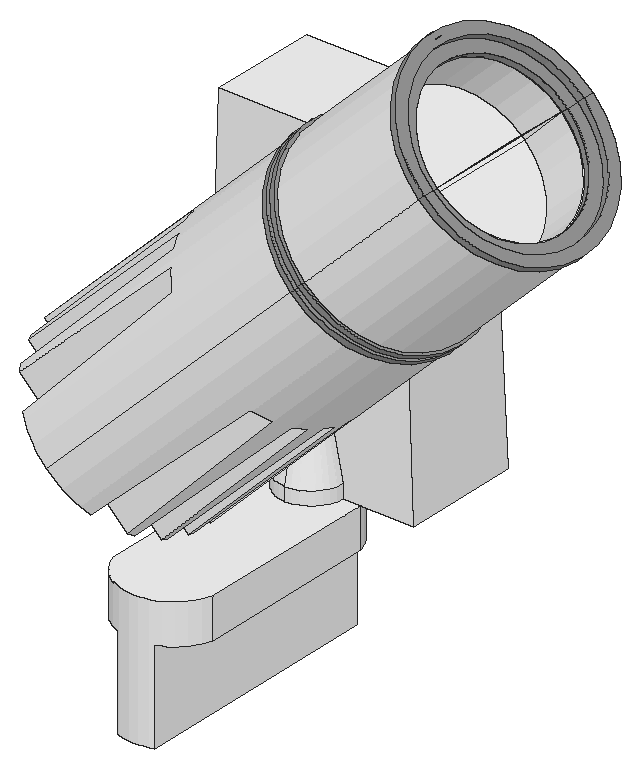
Revit family "2055964", category Lighting Fixtures, host Face, Revit 2016
Family settings
  Host = Face
  Part Type = Normal
  Round Connector Dimension = Use Diameter
  OmniClass Number = 23.80.70.00
  OmniClass Title = Lighting
  Cut with Voids When Loaded = No
  Light Source = No
  Shared = No
  Room Calculation Point = No
Parameters (values of type "2055964 BCON PRJ FRAM DALI L3 3K WH")
  Weight = "1.365 kg"
  Wattage Comments = ""
  WarrantyStartDate [instance] = "n/a"
  WarrantyGuarantorParts = "n/a"
  WarrantyDurationUnit = "n/a"
  WarrantyDurationParts = "n/a"
  WarrantyDescription = "n/a"
  Voltage = 230 V
  URL = "http://www.sylvania-lighting.com"
  TypeName = "BCON PRJ FRAM DALI L3 3K WH"
  TypeHead_SYL = Beacon LED Projector Framing Head : 2055964 BCON PRJ FRAM DALI L3 3K WH
  Type Image = <None>
  Type Comments = "n/a"
  Track_SYL = yes
  Surface_SYL = not(Track_SYL)  # no
  SerialNumber [instance] = "n/a"
  Material_3_SYL = none
  PowerFactor = 0.95
  PowerConsumption = "35 W"
  NominalLength = 0 mm
  NominalHeight = 215 mm
  NominalDepth = 185 mm
  Name = "BCON PRJ FRAM DALI L3 3K WH"
  ModelReference = Name  # "BCON PRJ FRAM DALI L3 3K WH"
  ModelNumber = "2055964"
  Model = Name  # "BCON PRJ FRAM DALI L3 3K WH"
  Material = "aluminium housing"
  ManufacturerName = "Feilo Sylvania"
  Manufacturer = "Feilo Sylvania"
  LuminousEfficacy = "14 lm/W"
  LuminaireType = ""
  LightOutputRatio = "100"
  LampsType = Lamp  # "LED"
  LampNominalLuminous = "474 lm"
  LampMacAdamStep = "3"
  LampColourTemperature = "3000 K"
  LampColourRenderingIndex = "97"
  Lamp = "LED"
  Keynote = "16500"
  InstallationDate [instance] = "n/a"
  InputVoltage = "AC 230 V"
  InputNominalFrequency = "50/60 Hz"
  IngressProtection = "IP20"
  ImpactProtectionIndex = "IK02"
  IfcExportType = "IfcLightFixtureType"
  IfcExportAs = "IfcLightFixtureType"
  HorizontalRotation_SYL [instance] = 0.00°
  EndAngle_SYL [instance] = HorizontalRotation_SYL + 180.00°  # 180.00°
  ElectricShockClassification = "Class II"
  DocumentationLiterature = "http://www.sylvania-lighting.com/product/en-int/products/2055964"
  DimmingControlOptions = "n/a"
  Material_2_SYL = Body-Sylvania-Black
  Description = "Beacon Projector offers precision light exactly where it is needed. The Framing Projector has four adjustable arms allowing the beam to be framed to the desired size shape (square/rectangle or irregular 4 sided shapes).High colour rendering CRI 97 typical. IR/UV free light source without heat radiation. LED technology provides an energy efficient solution with reduced maintenance costs."
  Default Elevation = 1219.2 mm
  CreatedOn = "3/14/2019"
  CreatedBy = "@sylvania-lighting.com"
  Cost = 0
  built-in parameter 1114216 [instance] = (empty or 0)
  ClassificationValue = "EF_70_80"
  ClassificationName = "Uniclass2015"
  Material_1_SYL = Body-Sylvania-White
  BarCode [instance] = "n/a"
  AssetType = "Fixed"
  AssetIdentifier [instance] = "n/a"
  Assembly Code = "D5020200"
  Apparent Load = 35 VA
  Material_4_SYL = none
Reference planes
  plane 1 "Center (Front/Back)": y = 0
  plane 2: z = 0
  plane 3 "Center (Left/Right)": x = 0
  plane 4: x = 7
  plane 5: x = -7
  plane 6: z = -34.5
  plane 7: z = 15
  plane 8: x = 18.5
  plane 9: x = -18.5
  plane 10: y = 48.5
  plane 11: y = -48.5
  plane 12: y = 34.5
  plane 13: y = -34.5
  plane 14: y = 77
  plane 15: y = -8
  plane 16: x = 42.5
  plane 17: x = -42.5
Forms (mm)
  Extrusion 1, solid, material "Body-Sylvania-White" <- "Material_1_SYL", visible <- "Track_SYL"
    sketch origin (0, 0, 0) x (1, 0, 0) y (0, 0, 1)
      loop
        line (-18.5, 15) -> (-18.5, 0) -> (-7, 0) -> (-7, -34.5) -> (7, -34.5) -> (7, 0) -> (18.5, 0) -> (18.5, 15) -> (-18.5, 15)
    from -48.5 to 48.5
  Extrusion 2, void
    sketch origin (0, 0, 0) x (1, 0, 0) y (0, 1, 0)
      loop
        arc (-18.5, 34.5) -> (0, 48.5) -> (18.5, 34.5) r 19.223
        line (18.5, 34.5) -> (21.5, 34.5) -> (21.5, 54.5) -> (-23.5, 54.5) -> (-23.5, 34.5) -> (-18.5, 34.5)
      loop
        line (-18.5, -34.5) -> (-23.5, -34.5) -> (-23.5, -54.5) -> (21.5, -54.5) -> (21.5, -34.5) -> (18.5, -34.5)
        arc (18.5, -34.5) -> (0, -48.5) -> (-18.5, -34.5) r 19.223
    from -34.5 to 15
  Revolve 3, solid, not visible
    sketch origin (0, 0, 0) x (0, 1, 0) y (0, 0, 1)
      loop
        line (34.5, 15) -> (48.5, 15) -> (48.5, 39.844) -> (34.5, 39.844) -> (34.5, 15)
      axis (34.5, 15) -> (34.5, 39.844)
    angle from 0 <- "HorizontalRotation_SYL" to 180 <- "EndAngle_SYL"
  Extrusion 4, solid, material "Body-Sylvania-White" <- "Material_1_SYL", visible <- "Surface_SYL"
    sketch origin (0, 0, 0) x (1, 0, 0) y (0, 1, 0)
      loop
        arc (39.5, -8) -> (41.621, -7.121) -> (42.5, -5) r 3
        line (42.5, -5) -> (42.5, 74)
        arc (42.5, 74) -> (41.621, 76.121) -> (39.5, 77) r 3
        line (39.5, 77) -> (-39.5, 77)
        arc (-39.5, 77) -> (-41.621, 76.121) -> (-42.5, 74) r 3
        line (-42.5, 74) -> (-42.5, -5)
        arc (-42.5, -5) -> (-41.621, -7.121) -> (-39.5, -8) r 3
        line (-39.5, -8) -> (39.5, -8)
    from 0 to 15
Cuts and joins
  Extrusion 2 cuts Extrusion 1
Dimensions and locks
  plane 8 to plane 4 to plane 3 "Center (Left/Right)" to plane 5 to plane 9 = 11.5 mm locked, 7 mm locked, 7 mm locked, 11.5 mm locked
  plane 7 to level to plane 6 = 15 mm locked, 34.5 mm locked
  plane 11 to plane 1 "Center (Front/Back)" to plane 10 = 48.5 mm locked, 48.5 mm locked
  plane 13 to plane 1 "Center (Front/Back)" to plane 12 = 34.5 mm locked, 34.5 mm locked
  plane 15 to plane 12 to plane 14 = 42.5 mm locked, 42.5 mm locked
  plane 16 to plane 3 "Center (Left/Right)" to plane 17 = 42.5 mm locked, 42.5 mm locked
  aligned and locked: plane 2 to host face
  aligned and locked: level to host face
  aligned and locked: plane 7 to Extrusion 1 sketch curve
  aligned and locked: level to Extrusion 1 sketch curve
  aligned and locked: Extrusion 1 sketch curve to plane 8
  aligned and locked: Extrusion 1 sketch curve to plane 6
  aligned and locked: Extrusion 1 sketch curve to plane 4
  aligned and locked: plane 5 to Extrusion 1 sketch curve
  aligned and locked: Extrusion 1 sketch curve to level
  aligned and locked: Extrusion 1 to plane 10
  aligned and locked: plane 11 to Extrusion 1
  aligned and locked: plane 12 to Extrusion 2 sketch curve  (x2)
  aligned and locked: plane 8 to Extrusion 2 sketch curve
  aligned and locked: plane 9 to Extrusion 2 sketch curve
  aligned and locked: plane 13 to Extrusion 2 sketch curve  (x3)
  aligned and locked: Extrusion 2 sketch curve to Extrusion 2 sketch curve  (x2)
  aligned and locked: plane 6 to Extrusion 2
  aligned and locked: Extrusion 2 to plane 7
  aligned and locked: Revolve 3 sketch curve to plane 12
  aligned and locked: Revolve 3 sketch curve to cut or joined group of Extrusion 1, Extrusion 2  (x2)
  aligned and locked: Revolve 3 sketch curve to plane 10
  aligned and locked: Extrusion 4 sketch curve to plane 15
  aligned and locked: Extrusion 4 sketch curve to plane 16
  aligned and locked: plane 14 to Extrusion 4 sketch curve
  aligned and locked: plane 17 to Extrusion 4 sketch curve
  aligned and locked: Extrusion 4 to plane 7
  aligned and locked: Extrusion 4 to level
  aligned and locked: nested 2 to plane 12
Nested families
  nested 1: "Beacon LED Projector Framing Gearbox" at (0, 34.5, 15) x (0, 1, 0) z (1, 0, 0), type "Type Name"
    with VerticalRotation_SYL -45.00°, EndAngle_SYL 135.00°
  nested 2: "Beacon LED Projector Framing Head" at (0, -10.5, 78) x (0, 1, 0) z (0.7071, 0, 0.7071), type <- "TypeHead_SYL", type "2055964 BCON PRJ FRAM DALI L3 3K WH"
    with built-in parameter 1114216 (empty or 0)
Connectors
  electrical at (0, 34.5, 0), driven by "Voltage", driven by "Apparent Load", driven by "PowerFactor"
    settings: on Extrusion 4, index 1, voltage 230 V, apparent load 35 VA, apparent load phase1 0 VA, apparent load phase2 0 VA, apparent load phase3 0 VA, power factor 0.95, load classification "Other", number of poles 1, system type 30, power factor state 1, is connector primary yes, connector utility no, sub classification motor no, connector description ""
Definition of nested family "Beacon LED Projector Framing Gearbox"
  Parameters (values of type "Type Name")
    VerticalRotation_SYL [instance] = 0.00°
    URL = "http://www.sylvania-lighting.com"
    Type Image = (empty or 0)
    Type Comments = "n/a"
    Material_3_SYL = none
    Model = ""
    Manufacturer = "Feilo Sylvania"
    Keynote = ""
    Material_2_SYL = none
    EndAngle_SYL [instance] = VerticalRotation_SYL + 180.00°  # 180.00°
    Description = ""
    Default Elevation = 1219.2 mm
    Cost = 0
    Material_1_SYL = none
    Assembly Code = ""
    Material_4_SYL = none
  Reference planes
    plane 1 "Center (Front/Back)": y = 0
    plane 2: z = 0
    plane 3 "Center (Left/Right)": x = 0
    plane 4: y = 5
    plane 5: y = 63
    plane 6: y = 47
    plane 7: y = 121
    plane 8: x = -3
    plane 9: x = -12
    plane 10: x = 41
    plane 11: x = 44
    plane 12: z = 38.5
    plane 13: z = -38.5
    plane 14: z = 34.5
    plane 15: z = -34.5
  Forms (mm)
    Extrusion 1, solid
      sketch origin (4.2, 0, 0) x (1, 0, 0) y (0, 1, 0)
        loop
          line (-1219.2, 1219.2) -> (-1219.2, -1219.2) -> (1219.2, -1219.2) -> (1219.2, 1219.2) -> (-1219.2, 1219.2)
      from 0 to -68.017
    Revolve 2, solid, material <- "Material_1_SYL"
      sketch origin (0, 0, 0) x (1, 0, 0) y (0, 1, 0)
        loop
          line (0, 0) -> (0, 47) -> (-3, 47) -> (-12, 5) -> (-12, 0) -> (0, 0)
        axis (0, 47) -> (0, 0)
      angle from 360 to 0
    Blend 3, solid, material <- "Material_1_SYL"
      base sketch origin (0, 0, 0) x (1, 0, 0) y (0, 0, 1)
        loop
          line (0, -38.5) -> (44, -38.5) -> (44, 38.5) -> (0, 38.5) -> (0, -38.5)
      top sketch origin (0, 0, 0) x (1, 0, 0) y (0, 0, 1)
        loop
          line (0, 34.5) -> (0, -34.5) -> (41, -34.5) -> (41, 34.5) -> (0, 34.5)
      from 0 to -121
    Revolve 4, solid, not visible
      sketch origin (0, 0, 0) x (1, 0, 0) y (0, 1, 0)
        loop
          line (0, 63) -> (-12, 63) -> (-12, 47) -> (0, 47) -> (0, 63)
        axis (0, 63) -> (-12, 63)
      angle from 0 <- "VerticalRotation_SYL" to 180 <- "EndAngle_SYL"
  Cuts and joins
    joined: Revolve 2, Blend 3
  Dimensions and locks
    plane 3 "Center (Left/Right)" to plane 10 to plane 11 = 41 mm locked, 3 mm locked
    plane 9 to plane 8 to plane 3 "Center (Left/Right)" = 9 mm locked, 3 mm locked
    plane 1 "Center (Front/Back)" to plane 4 to plane 6 to plane 5 to plane 7 = 5 mm locked, 42 mm locked, 16 mm locked, 58 mm locked
    plane 14 to level to plane 15 = 34.5 mm locked, 34.5 mm locked
    locked: plane 12 to plane 14 at 4
    locked: plane 15 to plane 13 at 4
    aligned and locked: plane 2 to Extrusion 1
    aligned and locked: level to Extrusion 1
    aligned and locked: Revolve 2 sketch curve to plane 3 "Center (Left/Right)"  (x2)
    aligned and locked: Revolve 2 sketch curve to Revolve 2 sketch curve
    aligned and locked: Revolve 2 sketch curve to plane 1 "Center (Front/Back)"
    aligned and locked: plane 4 to Revolve 2 sketch curve
    aligned and locked: plane 9 to Revolve 2 sketch curve
    aligned and locked: plane 6 to Revolve 2 sketch curve  (x2)
    aligned and locked: plane 3 "Center (Left/Right)" to Revolve 2 sketch curve
    aligned and locked: plane 13 to Blend 3 sketch curve
    aligned and locked: Blend 3 sketch curve to plane 3 "Center (Left/Right)"
    aligned and locked: Blend 3 sketch curve to plane 12
    aligned and locked: plane 11 to Blend 3 sketch curve
    aligned and locked: plane 14 to Blend 3 sketch curve
    aligned and locked: Blend 3 sketch curve to plane 15
    aligned and locked: Blend 3 sketch curve to plane 10
    aligned and locked: Blend 3 to plane 7
    aligned and locked: plane 1 "Center (Front/Back)" to Blend 3
    aligned and locked: Revolve 4 sketch curve to plane 5
    aligned and locked: Revolve 4 sketch curve to Revolve 4 sketch curve
    aligned and locked: plane 3 "Center (Left/Right)" to Revolve 4 sketch curve
    aligned and locked: plane 6 to Revolve 4 sketch curve
    aligned and locked: Revolve 4 sketch curve to plane 9
Definition of nested family "Beacon LED Projector Framing Head"
  Parameters (values of type "2055967 BCON PRJ FRAM DALI L3 4K BLK")
    Wattage Comments = "n/a"
    Wattage = 35 W
    built-in parameter 1150110 = 1 (stored number, unit not read)
    URL = "http://www.sylvania-lighting.com"
    Type Image = (empty or 0)
    Type Comments = "n/a"
    built-in parameter 1114217 = 1 (stored number, unit not read)
    Tilt Angle = -90.00°
    built-in parameter 1150109 = 1 (stored number, unit not read)
    built-in parameter 1150134 = 12
    built-in parameter 1150113 = 1 (stored number, unit not read)
    Photometric Web File = "spot_ideal.ies"
    Material_3_SYL = none
    Model = "BCON PRJ FRAM DALI L3 4K BLK"
    Manufacturer = "Feilo Sylvania"
    built-in parameter 1150105 = 49 (stored number, unit not read)
    Lumens = 490 lm
    built-in parameter 1150115 = 1 (stored number, unit not read)
    built-in parameter 1150137 = (empty or 0)
    built-in parameter 1150139 = (empty or 0)
    built-in parameter 1150112 = 1 (stored number, unit not read)
    built-in parameter 1150114 = 1 (stored number, unit not read)
    Lamp = "LED"
    Keynote = "16500"
    Material_2_SYL = none
    built-in parameter 1150132 = (empty or 0)
    built-in parameter 1150102 = (empty or 0)
    built-in parameter 1150107 = 4000 (stored number, unit not read)
    built-in parameter 1150138 = (empty or 0)
    built-in parameter 1150106 = 0.49 (stored number, unit not read)
    Emit from Circle Diameter = 61 mm
    Emit Shape Visible in Rendering = no
    built-in parameter 1150104 = 1.3006 (stored number, unit not read)
    Dimming Lamp Color Temperature Shift = (empty or 0)
    Description = "Beacon Projector offers precision light exactly where it is needed. The Framing Projector has four adjustable arms allowing the beam to be framed to the desired size shape (square/rectangle or irregular 4 sided shapes).High colour rendering CRI 97 typical. IR/UV free light source without heat radiation. LED technology provides an energy efficient solution with reduced maintenance costs."
    Default Elevation = 1219.2 mm
    Cost = 0
    Color Filter = 16777215
    built-in parameter 1114216 [instance] = (empty or 0)
    Material_1_SYL = none
    built-in parameter 1114218 = 1 (stored number, unit not read)
    built-in parameter 1150133 = 10 (stored number, unit not read)
    Assembly Code = "D5020200"
    Apparent Load = 35 VA
    Material_4_SYL = none
  Types (12, lengths in mm): name | built-in parameter 1150134 | Model | built-in parameter 1150107
    2055967 BCON PRJ FRAM DALI L3 4K BLK | 12 | "BCON PRJ FRAM DALI L3 4K BLK" | 4000 (stored number, unit not read)
    2055966 BCON PRJ FRAM DALI L3 4K WH | 12 | "BCON PRJ FRAM DALI L3 4K WH" | 4000 (stored number, unit not read)
    2055965 BCON PRJ FRAM DALI L3 3K BLK | (empty or 0) | "BCON PRJ FRAM DALI L3 3K BLK" | 3000 (stored number, unit not read)
    2055964 BCON PRJ FRAM DALI L3 3K WH | (empty or 0) | "BCON PRJ FRAM DALI L3 3K WH" | 3000 (stored number, unit not read)
    2055963 BCON PRJ FRAM O/B SM 4K BLK | 12 | "BCON PRJ FRAM O/B SM 4K BLK" | 4000 (stored number, unit not read)
    2055962 BCON PRJ FRAM O/B SM 4K WH | 12 | "BCON PRJ FRAM O/B SM 4K WH" | 4000 (stored number, unit not read)
    2055961 BCON PRJ FRAM O/B SM 3K BLK | (empty or 0) | "BCON PRJ FRAM O/B SM 3K BLK" | 3000 (stored number, unit not read)
    2055960 BCON PRJ FRAM O/B SM 3K WH | (empty or 0) | "BCON PRJ FRAM O/B SM 3K WH" | 3000 (stored number, unit not read)
    2055959 BCON PRJ FRAM O/B L3 4K BLK | 12 | "BCON PRJ FRAM O/B L3 4K BLK" | 4000 (stored number, unit not read)
    2055958 BCON PRJ FRAM O/B L3 4K WH | 12 | "BCON PRJ FRAM O/B L3 4K WH" | 4000 (stored number, unit not read)
    2055957 BCON PRJ FRAM O/B L3 3K BLK | (empty or 0) | "BCON PRJ FRAM O/B L3 3K BLK" | 3000 (stored number, unit not read)
    2055956 BCON PRJ FRAM O/B L3 3K WH | (empty or 0) | "BCON PRJ FRAM O/B L3 3K WH" | 3000 (stored number, unit not read)
  Reference planes
    plane 1 "Center (Front/Back)": y = 0
    plane 2: z = 0
    plane 3 "Center (Left/Right)": x = 0
    plane 4: x = 39.5
    plane 5: x = -39.5
    plane 6: z = -45
    plane 7: z = 155
    plane 8: z = 152.4
    plane 9: x = -38.5
    plane 10: z = 91
    plane 11: z = 84.75
    plane 12: z = 35
    plane 13: x = -35.25
    plane 14: z = 151.937
    plane 15: x = -30.5
    plane 16: z = 149.187
    plane 17: z = 88.75
    plane 18: z = 87
    plane 19: x = -37.5
    plane 20: z = 129.187
    plane 21: x = -2.5
    plane 22: x = 2.5
    plane 23: x = -4
    plane 24: x = 4
    plane 25: z = 15
    plane 26: z = -15
    plane 27: x = 45
    plane 28: x = 14.75
  Forms (mm)
    Extrusion 1, solid
      sketch origin (4.2, 0, 0) x (1, 0, 0) y (0, 1, 0)
        loop
          line (-1219.2, 1219.2) -> (-1219.2, -1219.2) -> (1219.2, -1219.2) -> (1219.2, 1219.2) -> (-1219.2, 1219.2)
      from 0 to -68.017
    Revolve 2, solid, material <- "Material_2_SYL"
      sketch origin (0, 0, 0) x (1, 0, 0) y (0, 0, 1)
        loop
          line (-30.5, 149.188) -> (-30.5, 151.938) -> (-35.25, 151.938) -> (-35.25, 155) -> (-39.5, 155) -> (-39.5, 152.4) -> (-37.5, 152.4) -> (-37.5, 149.188) -> (-30.5, 149.188)
        axis (0, 155) -> (0, 149.188)
      angle from 360 to 0
    Revolve 3, solid, material <- "Material_3_SYL"
      sketch origin (0, 0, 0) x (1, 0, 0) y (0, 0, 1)
        loop
          arc (0, 156.729) -> (-15.437, 155.524) -> (-30.5, 151.938) r 99.476
          line (-30.5, 151.938) -> (-30.5, 149.188) -> (0, 149.188) -> (0, 156.729)
        axis (0, 156.729) -> (0, 149.188)
      angle from 360 to 0
    Revolve 4, solid, material <- "Material_1_SYL"
      sketch origin (0, 0, 0) x (1, 0, 0) y (0, 0, 1)
        loop
          line (-38.5, 152.4) -> (-38.5, 91) -> (-35.25, 91) -> (-35.25, 84.75) -> (-38.5, 84.75) -> (-38.5, -45) -> (0, -45) -> (0, 129.187) -> (-30.5, 129.187) -> (-30.5, 149.188) -> (-37.5, 149.188) -> (-37.5, 152.4) -> (-38.5, 152.4)
        axis (0, 152.4) -> (0, -45)
      angle from 360 to 0
    Revolve 5, solid, material <- "Material_2_SYL"
      sketch origin (0, 0, 0) x (1, 0, 0) y (0, 0, 1)
        loop
          line (-39.5, 91) -> (-39.5, 88.75) -> (-37.5, 88.75) -> (-37.5, 87) -> (-39.5, 87) -> (-39.5, 84.75) -> (-35.25, 84.75) -> (-35.25, 91) -> (-39.5, 91)
        axis (0, 91) -> (0, 84.75)
      angle from 360 to 0
    Extrusion 6, void
      sketch origin (20, 0, 0) x (-1, 0, 0) y (0, 0, 1)
        loop
          line (17.5, 35) -> (16, -45) -> (24, -45) -> (22.5, 35) -> (17.5, 35)
      from -40 to 40
    Extrusion 7, void
      sketch origin (20, 0, 0) x (-1, 0, 0) y (0, 0, 1)
        loop
          line (27.5, 35) -> (26, -45) -> (34, -45) -> (32.5, 35) -> (27.5, 35)
      from -40 to 40
    Extrusion 8, void
      sketch origin (-20, 0, 0) x (1, 0, 0) y (0, 0, 1)
        loop
          line (2.5, 35) -> (-2.5, 35) -> (-4, -45) -> (4, -45) -> (2.5, 35)
      from -40 to 40
    Extrusion 9, void
      sketch origin (20, 0, 0) x (-1, 0, 0) y (0, 0, 1)
        loop
          line (47.5, 35) -> (46, -45) -> (54, -45) -> (52.5, 35) -> (47.5, 35)
      from -40 to 40
    Extrusion 10, void
      sketch origin (30, 0, 0) x (-1, 0, 0) y (0, 0, 1)
        loop
          line (2.5, 35) -> (-2.5, 35) -> (-4, -45) -> (4, -45) -> (2.5, 35)
      from -40 to 40
    Extrusion 11, void
      sketch origin (10, 0, 0) x (-1, 0, 0) y (0, 0, 1)
        loop
          line (2.5, 35) -> (-2.5, 35) -> (-4, -45) -> (4, -45) -> (2.5, 35)
      from -40 to 40
    Extrusion 12, void
      sketch origin (20, 0, 0) x (-1, 0, 0) y (0, 0, 1)
        loop
          line (2.5, 35) -> (-2.5, 35) -> (-4, -45) -> (4, -45) -> (2.5, 35)
      from -40 to 40
    Revolve 13, solid, material <- "Material_1_SYL"
      sketch origin (0, 0, 0) x (1, 0, 0) y (0, 0, 1)
        loop
          line (45, 15) -> (14.75, 15) -> (14.75, 0) -> (45, 0) -> (45, 15)
        axis (14.75, 0) -> (45, 0)
      angle from 360 to 0
  Cuts and joins
    Extrusion 6, Extrusion 7, Extrusion 8, Extrusion 9, Extrusion 10, Extrusion 11, Extrusion 12 cuts Revolve 4
    joined: Revolve 4, Revolve 13
  Lines and regions (mm)
    reference lines
      curve 1: line (-2.5, 0, 35) -> (-4, 0, -45)
      curve 2: line (4, 0, -45) -> (2.5, 0, 35)
  Dimensions and locks
    plane 7 to level to plane 6 = 155 mm locked, 45 mm locked
    equal spacing: plane 4, plane 3 "Center (Left/Right)", plane 5
    locked: plane 4 to plane 5 at 79
    locked: plane 7 to plane 10 at 64
    plane 10 to plane 11 = 6.25 mm
    locked: plane 7 to plane 12 at 120
    plane 3 "Center (Left/Right)" to plane 15 to plane 13 to plane 9 to plane 5 = 30.5 mm, 4.75 mm, 3.25 mm, 1 mm
    plane 7 to plane 8 to plane 14 to plane 16 = 2.6 mm locked, 0.463 mm locked, 2.75 mm locked
    locked: plane 3 "Center (Left/Right)" to plane 19 at 37.5
    locked: plane 16 to plane 20 at 20
    plane 10 to plane 17 to plane 18 = 2.25 mm locked, 1.75 mm locked
    plane 22 to plane 3 "Center (Left/Right)" to plane 21 = 2.5 mm locked, 2.5 mm locked
    plane 24 to plane 3 "Center (Left/Right)" to plane 23 = 4 mm locked, 4 mm locked
    equal spacing: group 4, group 3, group 2, group 1
    equal spacing: group 1, group 2, group 3, group 4  (x2)
    plane 25 to level to plane 26 = 15 mm locked, 15 mm locked
    locked: plane 27 to plane 3 "Center (Left/Right)" at 45
    locked: plane 28 to plane 3 "Center (Left/Right)" at 14.75
    aligned and locked: plane 2 to Extrusion 1
    aligned and locked: level to Extrusion 1
    aligned and locked: Revolve 2 sketch curve to plane 3 "Center (Left/Right)"
    aligned and locked: plane 16 to Revolve 2 sketch curve  (x2)
    aligned and locked: plane 15 to Revolve 2 sketch curve
    aligned and locked: plane 13 to Revolve 2 sketch curve
    aligned and locked: Revolve 2 sketch curve to plane 14
    aligned and locked: Revolve 2 sketch curve to plane 7
    aligned and locked: Revolve 2 sketch curve to plane 5
    aligned and locked: plane 8 to Revolve 2 sketch curve
    aligned and locked: Revolve 3 sketch curve to plane 3 "Center (Left/Right)"
    aligned and locked: Revolve 3 sketch curve to Revolve 2
    aligned and locked: Revolve 2 to Revolve 3 sketch curve
    aligned and locked: plane 3 "Center (Left/Right)" to Revolve 3 sketch curve
    aligned and locked: Revolve 4 sketch curve to plane 3 "Center (Left/Right)"
    aligned and locked: plane 10 to Revolve 4 sketch curve
    aligned and locked: Revolve 4 sketch curve to plane 13
    aligned and locked: Revolve 4 sketch curve to plane 11
    aligned and locked: Revolve 4 sketch curve to plane 9  (x2)
    aligned and locked: plane 6 to Revolve 4 sketch curve
    aligned and locked: plane 3 "Center (Left/Right)" to Revolve 4 sketch curve
    aligned and locked: plane 15 to Revolve 4 sketch curve
    aligned and locked: Revolve 4 sketch curve to plane 8
    aligned and locked: Revolve 2 sketch curve to plane 19
    aligned and locked: plane 19 to Revolve 4 sketch curve
    aligned and locked: Revolve 4 sketch curve to plane 20
    aligned and locked: Revolve 5 sketch curve to plane 3 "Center (Left/Right)"
    aligned and locked: plane 10 to Revolve 5 sketch curve
    aligned and locked: Revolve 5 sketch curve to plane 5  (x2)
    aligned and locked: plane 17 to Revolve 5 sketch curve
    aligned and locked: plane 18 to Revolve 5 sketch curve
    aligned and locked: Revolve 5 sketch curve to plane 19
    aligned and locked: plane 11 to Revolve 5 sketch curve
    aligned and locked: Revolve 5 sketch curve to Revolve 4  (x2)
    aligned and locked: plane 21 to curve 1
    aligned and locked: plane 23 to curve 1
    aligned and locked: plane 24 to curve 2
    aligned and locked: plane 22 to curve 2
    aligned and locked: Revolve 13 sketch curve to plane 25
    aligned and locked: plane 27 to Revolve 13 sketch curve
    aligned and locked: Revolve 13 sketch curve to level  (x2)
    aligned and locked: Revolve 13 sketch curve to plane 28
    aligned and locked: plane 3 "Center (Left/Right)" to imposter light
    aligned and locked: imposter light to plane 7
    aligned and locked: imposter light to plane 1 "Center (Front/Back)"
  Automatic sketch dimensions
    Extrusion 1 sketch curve to Extrusion 1 sketch curve = 2438.4 mm  (x2)
    plane 6 to Revolve 2 sketch curve = 564.6 mm
    Revolve 2 sketch curve to plane 7 = 2454.058 mm
    Revolve 3 sketch curve to plane 14 = 0 mm
    Revolve 3 sketch curve to plane 12 = 22.253 mm
    plane 6 to Revolve 3 sketch curve = 564.6 mm
    Revolve 3 sketch curve to Revolve 3 sketch curve = 2452.329 mm
    Revolve 4 sketch curve to plane 16 = 0 mm
    plane 6 to Revolve 4 sketch curve = 564.6 mm
    Revolve 4 sketch curve to plane 7 = 2454.058 mm
    plane 6 to Revolve 5 sketch curve = 564.6 mm
    Revolve 5 sketch curve to plane 7 = 2454.058 mm
    curve 2 to plane 12 = 0 mm
    curve 2 to plane 6 = 0 mm
    curve 1 to plane 6 = 0 mm
    curve 1 to plane 12 = 0 mm
    Extrusion 6 sketch curve to Extrusion 6 sketch curve = 1.5 mm
    Extrusion 6 sketch curve to Extrusion 6 sketch curve = 5 mm
    Extrusion 6 sketch curve to Extrusion 6 sketch curve = 8 mm
    Extrusion 6 sketch curve to Extrusion 6 sketch curve = 80 mm
    Extrusion 7 sketch curve to Extrusion 7 sketch curve = 1.5 mm
    Extrusion 7 sketch curve to Extrusion 7 sketch curve = 5 mm
    Extrusion 7 sketch curve to Extrusion 7 sketch curve = 8 mm
    Extrusion 7 sketch curve to Extrusion 7 sketch curve = 80 mm
    Extrusion 8 sketch curve to Extrusion 8 sketch curve = 1.5 mm
    Extrusion 8 sketch curve to Extrusion 8 sketch curve = 5 mm
    Extrusion 8 sketch curve to Extrusion 8 sketch curve = 8 mm
    Extrusion 8 sketch curve to Extrusion 8 sketch curve = 80 mm
    Extrusion 9 sketch curve to Extrusion 9 sketch curve = 1.5 mm
    Extrusion 9 sketch curve to Extrusion 9 sketch curve = 5 mm
    Extrusion 9 sketch curve to Extrusion 9 sketch curve = 8 mm
    Extrusion 9 sketch curve to Extrusion 9 sketch curve = 80 mm
    Extrusion 10 sketch curve to Extrusion 10 sketch curve = 1.5 mm
    Extrusion 10 sketch curve to Extrusion 10 sketch curve = 5 mm
    Extrusion 10 sketch curve to Extrusion 10 sketch curve = 8 mm
    Extrusion 10 sketch curve to Extrusion 10 sketch curve = 80 mm
    Extrusion 11 sketch curve to Extrusion 11 sketch curve = 1.5 mm
    Extrusion 11 sketch curve to Extrusion 11 sketch curve = 5 mm
    Extrusion 11 sketch curve to Extrusion 11 sketch curve = 8 mm
    Extrusion 11 sketch curve to Extrusion 11 sketch curve = 80 mm
    Extrusion 12 sketch curve to Extrusion 12 sketch curve = 1.5 mm
    Extrusion 12 sketch curve to Extrusion 12 sketch curve = 5 mm
    Extrusion 12 sketch curve to Extrusion 12 sketch curve = 8 mm
    Extrusion 12 sketch curve to Extrusion 12 sketch curve = 80 mm
    Revolve 13 sketch curve to plane 5 = 1495.135 mm
    plane 27 to Revolve 13 sketch curve = 1614.773 mm
